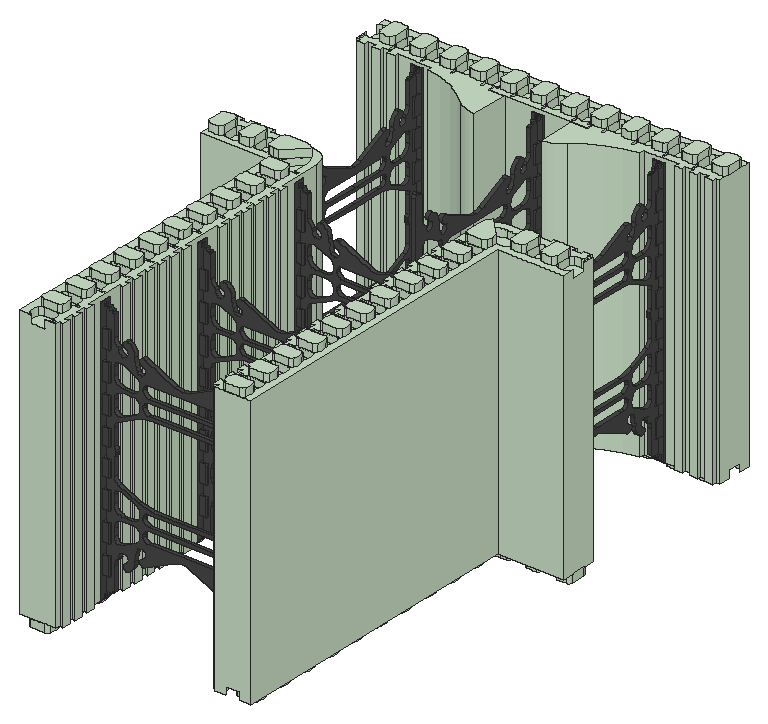
Revit family
Reference planes (in)
  plane 1 "Center (Front/Back)": y = -2
  plane 2: z = 0
  plane 3 "Center (Left/Right)": x = 2
  plane 4: y = 3
  plane 5: y = -7
  plane 6: x = 7
  plane 7: x = -3
  plane 8: z = 18
Forms (in)
  Extrusion 1, solid, material "NUDURA Expanded Polystyrene Foam Insulation"
    sketch origin (0, 0, 0) x (1, 0, 0) y (0, 1, 0)
      loop
        line (-10, 5.625) -> (-10, 3.25) -> (-9.71883, 3.25) -> (-9.78117, 3) -> (-9.21883, 3) -> (-9.28117, 3.25) -> (-8.71883, 3.25) -> (-8.78117, 3) -> (-8.21883, 3) -> (-8.28117, 3.25) -> (-7.71883, 3.25) -> (-7.78117, 3) -> (-7.21883, 3) -> (-7.28117, 3.25) -> (-5, 3.25) -> (-5, 2.875)
        arc (-5, 2.875) -> (-3.12304, 2.37468) -> (-1.50918, 1.29358) r 5.91797
        arc (-1.50918, 1.29358) -> (-0.91296, 0.90605) -> (-0.21883, 0.75162) r 2
        line (-0.21883, 0.75162) -> (-0.21883, 3.25) -> (-1.25, 3.25) -> (-1.25, 3.69867) -> (-1, 3.63633) -> (-1, 4.24332) -> (-1.25, 4.17633) -> (-1.25, 4.69867) -> (-1, 4.63633) -> (-1, 5.24332) -> (-1.25, 5.17633) -> (-1.25, 5.625) -> (-10, 5.625)
      loop
        line (14, 3.25) -> (14, 5.625) -> (5.25, 5.625) -> (5.25, 5.17633) -> (5, 5.24332) -> (5, 4.63633) -> (5.25, 4.69867) -> (5.25, 4.17633) -> (5, 4.24332) -> (5, 3.63633) -> (5.25, 3.69867) -> (5.25, 3.25) -> (4.21883, 3.25) -> (4.21883, 0.75162)
        arc (4.21883, 0.75162) -> (4.91296, 0.90605) -> (5.50918, 1.29358) r 2
        arc (5.50918, 1.29358) -> (7.12304, 2.37468) -> (9, 2.875) r 5.91797
        line (9, 2.875) -> (9, 3.25) -> (11.28117, 3.25) -> (11.21883, 3) -> (11.78117, 3) -> (11.71883, 3.25) -> (12.28117, 3.25) -> (12.21883, 3) -> (12.78117, 3) -> (12.71883, 3.25) -> (13.28117, 3.25) -> (13.21883, 3) -> (13.78117, 3) -> (13.71883, 3.25) -> (14, 3.25)
      loop
        line (-3.25, -29.99998) -> (-3.25, -29.71882) -> (-3, -29.78115) -> (-3, -29.21882) -> (-3.25, -29.28115) -> (-3.25, -28.71882) -> (-3, -28.78115) -> (-3, -28.21882) -> (-3.25, -28.28115) -> (-3.25, -27.71882) -> (-3, -27.78115) -> (-3, -27.21882) -> (-3.25, -27.28115) -> (-3.25, -24.71882) -> (-3, -24.78115) -> (-3, -24.21882) -> (-3.25, -24.28115) -> (-3.25, -23.71882) -> (-3, -23.78115) -> (-3, -23.21882) -> (-3.25, -23.28115) -> (-3.25, -22.71882) -> (-3, -22.78115) -> (-3, -22.21882) -> (-3.25, -22.28115) -> (-3.25, -21.71882) -> (-3, -21.78115) -> (-3, -21.21882) -> (-3.25, -21.28115) -> (-3.25, -20.71882) -> (-3, -20.78115) -> (-3, -20.21882) -> (-3.25, -20.28115) -> (-3.25, -19.71882) -> (-3, -19.78115) -> (-3, -19.21882) -> (-3.25, -19.28115) -> (-3.25, -16.71882) -> (-3, -16.78115) -> (-3, -16.21882) -> (-3.25, -16.28115) -> (-3.25, -15.71882) -> (-3, -15.78115) -> (-3, -15.21882) -> (-3.25, -15.28115) -> (-3.25, -14.71882) -> (-3, -14.78115) -> (-3, -14.21882) -> (-3.25, -14.28115) -> (-3.25, -13.71882) -> (-3, -13.78115) -> (-3, -13.21882) -> (-3.25, -13.28115) -> (-3.25, -12.71882) -> (-3, -12.78115) -> (-3, -12.21882) -> (-3.25, -12.28115) -> (-3.25, -11.71882) -> (-3, -11.78115) -> (-3, -11.21882) -> (-3.25, -11.28115) -> (-3.25, -8.49998)
        arc (-3.25, -8.49998) -> (-3.61612, -7.6161) -> (-4.5, -7.24998) r 1.25
        line (-4.5, -7.24998) -> (-7.28117, -7.24998) -> (-7.21883, -6.99998) -> (-7.78117, -6.99998) -> (-7.71883, -7.24998) -> (-8.28117, -7.24998) -> (-8.21883, -6.99998) -> (-8.78117, -6.99998) -> (-8.71883, -7.24998) -> (-9.28117, -7.24998) -> (-9.21883, -6.99998) -> (-9.78117, -6.99998) -> (-9.71883, -7.24998) -> (-10, -7.24998) -> (-10, -9.62498) -> (-5.625, -9.62498) -> (-5.625, -29.99998) -> (-3.25, -29.99998)
      loop
        line (7.25, -29.99998) -> (9.625, -29.99998) -> (9.625, -9.62498) -> (14, -9.62498) -> (14, -7.24998) -> (13.71883, -7.24998) -> (13.78117, -6.99998) -> (13.21883, -6.99998) -> (13.28117, -7.24998) -> (12.71883, -7.24998) -> (12.78117, -6.99998) -> (12.21883, -6.99998) -> (12.28117, -7.24998) -> (11.71883, -7.24998) -> (11.78117, -6.99998) -> (11.21883, -6.99998) -> (11.28117, -7.24998) -> (8.5, -7.24998)
        arc (8.5, -7.24998) -> (7.61612, -7.6161) -> (7.25, -8.49998) r 1.25
        line (7.25, -8.49998) -> (7.25, -11.28115) -> (7, -11.21882) -> (7, -11.78115) -> (7.25, -11.71882) -> (7.25, -12.28115) -> (7, -12.21882) -> (7, -12.78115) -> (7.25, -12.71882) -> (7.25, -13.28115) -> (7, -13.21882) -> (7, -13.78115) -> (7.25, -13.71882) -> (7.25, -14.28115) -> (7, -14.21882) -> (7, -14.78115) -> (7.25, -14.71882) -> (7.25, -15.28115) -> (7, -15.21882) -> (7, -15.78115) -> (7.25, -15.71882) -> (7.25, -16.28115) -> (7, -16.21882) -> (7, -16.78115) -> (7.25, -16.71882) -> (7.25, -19.28115) -> (7, -19.21882) -> (7, -19.78115) -> (7.25, -19.71882) -> (7.25, -20.28115) -> (7, -20.21882) -> (7, -20.78115) -> (7.25, -20.71882) -> (7.25, -21.28115) -> (7, -21.21882) -> (7, -21.78115) -> (7.25, -21.71882) -> (7.25, -22.28115) -> (7, -22.21882) -> (7, -22.78115) -> (7.25, -22.71882) -> (7.25, -23.28115) -> (7, -23.21882) -> (7, -23.78115) -> (7.25, -23.71882) -> (7.25, -24.28115) -> (7, -24.21882) -> (7, -24.78115) -> (7.25, -24.71882) -> (7.25, -27.28115) -> (7, -27.21882) -> (7, -27.78115) -> (7.25, -27.71882) -> (7.25, -28.28115) -> (7, -28.21882) -> (7, -28.78115) -> (7.25, -28.71882) -> (7.25, -29.28115) -> (7, -29.21882) -> (7, -29.78115) -> (7.25, -29.71882) -> (7.25, -29.99998)
    from 0 to 18
  Extrusion 2, void
    sketch origin (0, -4, 0) x (1, 0, 0) y (0, 1, 0)
      loop
        arc (-5.13595, -25.17306) -> (-5.1875, -25.49998) -> (-5.13595, -25.8269) r 1.0625
        arc (-5.13595, -25.8269) -> (-5.04517, -25.95213) -> (-4.89808, -25.99998) r 0.25
        line (-4.89808, -25.99998) -> (-3.97692, -25.99998)
        arc (-3.97692, -25.99998) -> (-3.88568, -25.98274) -> (-3.80702, -25.93338) r 0.25
        arc (-3.80702, -25.93338) -> (-3.78736, -25.92104) -> (-3.76455, -25.91673) r 0.0625
        line (-3.76455, -25.91673) -> (-3.41845, -25.91673) -> (-3.41845, -25.7459) -> (-3.64005, -25.7459)
        arc (-3.64005, -25.7459) -> (-3.68771, -25.72383) -> (-3.70172, -25.67321) r 0.0625
        arc (-3.70172, -25.67321) -> (-3.69045, -25.4209) -> (-3.73905, -25.17306) r 1.0625
        arc (-3.73905, -25.17306) -> (-3.82983, -25.04783) -> (-3.97692, -24.99998) r 0.25
        line (-3.97692, -24.99998) -> (-4.89808, -24.99998)
        arc (-4.89808, -24.99998) -> (-5.04517, -25.04783) -> (-5.13595, -25.17306) r 0.25
    from 18 to 17.5
  Extrusion 3, void
    sketch origin (0, -2, 0) x (1, 0, 0) y (0, 1, 0)
      loop
        arc (-5.13595, -25.17306) -> (-5.1875, -25.49998) -> (-5.13595, -25.8269) r 1.0625
        arc (-5.13595, -25.8269) -> (-5.04517, -25.95213) -> (-4.89808, -25.99998) r 0.25
        line (-4.89808, -25.99998) -> (-3.97692, -25.99998)
        arc (-3.97692, -25.99998) -> (-3.88568, -25.98274) -> (-3.80702, -25.93338) r 0.25
        arc (-3.80702, -25.93338) -> (-3.78736, -25.92104) -> (-3.76455, -25.91673) r 0.0625
        line (-3.76455, -25.91673) -> (-3.41845, -25.91673) -> (-3.41845, -25.7459) -> (-3.64005, -25.7459)
        arc (-3.64005, -25.7459) -> (-3.68771, -25.72383) -> (-3.70172, -25.67321) r 0.0625
        arc (-3.70172, -25.67321) -> (-3.69045, -25.4209) -> (-3.73905, -25.17306) r 1.0625
        arc (-3.73905, -25.17306) -> (-3.82983, -25.04783) -> (-3.97692, -24.99998) r 0.25
        line (-3.97692, -24.99998) -> (-4.89808, -24.99998)
        arc (-4.89808, -24.99998) -> (-5.04517, -25.04783) -> (-5.13595, -25.17306) r 0.25
    from 18 to 17.5
  Extrusion 4, void
    sketch origin (0, 0, 0) x (1, 0, 0) y (0, 1, 0)
      loop
        arc (-5.13595, -25.17306) -> (-5.1875, -25.49998) -> (-5.13595, -25.8269) r 1.0625
        arc (-5.13595, -25.8269) -> (-5.04517, -25.95213) -> (-4.89808, -25.99998) r 0.25
        line (-4.89808, -25.99998) -> (-3.97692, -25.99998)
        arc (-3.97692, -25.99998) -> (-3.88568, -25.98274) -> (-3.80702, -25.93338) r 0.25
        arc (-3.80702, -25.93338) -> (-3.78736, -25.92104) -> (-3.76455, -25.91673) r 0.0625
        line (-3.76455, -25.91673) -> (-3.41845, -25.91673) -> (-3.41845, -25.7459) -> (-3.64005, -25.7459)
        arc (-3.64005, -25.7459) -> (-3.68771, -25.72383) -> (-3.70172, -25.67321) r 0.0625
        arc (-3.70172, -25.67321) -> (-3.69045, -25.4209) -> (-3.73905, -25.17306) r 1.0625
        arc (-3.73905, -25.17306) -> (-3.82983, -25.04783) -> (-3.97692, -24.99998) r 0.25
        line (-3.97692, -24.99998) -> (-4.89808, -24.99998)
        arc (-4.89808, -24.99998) -> (-5.04517, -25.04783) -> (-5.13595, -25.17306) r 0.25
    from 18 to 17.5
  Extrusion 5, void
    sketch origin (0, 2, 0) x (1, 0, 0) y (0, 1, 0)
      loop
        arc (-5.13595, -25.17306) -> (-5.1875, -25.49998) -> (-5.13595, -25.8269) r 1.0625
        arc (-5.13595, -25.8269) -> (-5.04517, -25.95213) -> (-4.89808, -25.99998) r 0.25
        line (-4.89808, -25.99998) -> (-3.97692, -25.99998)
        arc (-3.97692, -25.99998) -> (-3.88568, -25.98274) -> (-3.80702, -25.93338) r 0.25
        arc (-3.80702, -25.93338) -> (-3.78736, -25.92104) -> (-3.76455, -25.91673) r 0.0625
        line (-3.76455, -25.91673) -> (-3.41845, -25.91673) -> (-3.41845, -25.7459) -> (-3.64005, -25.7459)
        arc (-3.64005, -25.7459) -> (-3.68771, -25.72383) -> (-3.70172, -25.67321) r 0.0625
        arc (-3.70172, -25.67321) -> (-3.69045, -25.4209) -> (-3.73905, -25.17306) r 1.0625
        arc (-3.73905, -25.17306) -> (-3.82983, -25.04783) -> (-3.97692, -24.99998) r 0.25
        line (-3.97692, -24.99998) -> (-4.89808, -24.99998)
        arc (-4.89808, -24.99998) -> (-5.04517, -25.04783) -> (-5.13595, -25.17306) r 0.25
    from 18 to 17.5
  Extrusion 6, void
    sketch origin (0, 4, 0) x (1, 0, 0) y (0, 1, 0)
      loop
        arc (-5.13595, -25.17306) -> (-5.1875, -25.49998) -> (-5.13595, -25.8269) r 1.0625
        arc (-5.13595, -25.8269) -> (-5.04517, -25.95213) -> (-4.89808, -25.99998) r 0.25
        line (-4.89808, -25.99998) -> (-3.97692, -25.99998)
        arc (-3.97692, -25.99998) -> (-3.88568, -25.98274) -> (-3.80702, -25.93338) r 0.25
        arc (-3.80702, -25.93338) -> (-3.78736, -25.92104) -> (-3.76455, -25.91673) r 0.0625
        line (-3.76455, -25.91673) -> (-3.41845, -25.91673) -> (-3.41845, -25.7459) -> (-3.64005, -25.7459)
        arc (-3.64005, -25.7459) -> (-3.68771, -25.72383) -> (-3.70172, -25.67321) r 0.0625
        arc (-3.70172, -25.67321) -> (-3.69045, -25.4209) -> (-3.73905, -25.17306) r 1.0625
        arc (-3.73905, -25.17306) -> (-3.82983, -25.04783) -> (-3.97692, -24.99998) r 0.25
        line (-3.97692, -24.99998) -> (-4.89808, -24.99998)
        arc (-4.89808, -24.99998) -> (-5.04517, -25.04783) -> (-5.13595, -25.17306) r 0.25
    from 18 to 17.5
  Extrusion 7, void
    sketch origin (0, 6, 0) x (1, 0, 0) y (0, 1, 0)
      loop
        arc (-5.13595, -25.17306) -> (-5.1875, -25.49998) -> (-5.13595, -25.8269) r 1.0625
        arc (-5.13595, -25.8269) -> (-5.04517, -25.95213) -> (-4.89808, -25.99998) r 0.25
        line (-4.89808, -25.99998) -> (-3.97692, -25.99998)
        arc (-3.97692, -25.99998) -> (-3.88568, -25.98274) -> (-3.80702, -25.93338) r 0.25
        arc (-3.80702, -25.93338) -> (-3.78736, -25.92104) -> (-3.76455, -25.91673) r 0.0625
        line (-3.76455, -25.91673) -> (-3.41845, -25.91673) -> (-3.41845, -25.7459) -> (-3.64005, -25.7459)
        arc (-3.64005, -25.7459) -> (-3.68771, -25.72383) -> (-3.70172, -25.67321) r 0.0625
        arc (-3.70172, -25.67321) -> (-3.69045, -25.4209) -> (-3.73905, -25.17306) r 1.0625
        arc (-3.73905, -25.17306) -> (-3.82983, -25.04783) -> (-3.97692, -24.99998) r 0.25
        line (-3.97692, -24.99998) -> (-4.89808, -24.99998)
        arc (-4.89808, -24.99998) -> (-5.04517, -25.04783) -> (-5.13595, -25.17306) r 0.25
    from 18 to 17.5
  Extrusion 8, void
    sketch origin (0, 8, 0) x (1, 0, 0) y (0, 1, 0)
      loop
        arc (-5.13595, -25.17306) -> (-5.1875, -25.49998) -> (-5.13595, -25.8269) r 1.0625
        arc (-5.13595, -25.8269) -> (-5.04517, -25.95213) -> (-4.89808, -25.99998) r 0.25
        line (-4.89808, -25.99998) -> (-3.97692, -25.99998)
        arc (-3.97692, -25.99998) -> (-3.88568, -25.98274) -> (-3.80702, -25.93338) r 0.25
        arc (-3.80702, -25.93338) -> (-3.78736, -25.92104) -> (-3.76455, -25.91673) r 0.0625
        line (-3.76455, -25.91673) -> (-3.41845, -25.91673) -> (-3.41845, -25.7459) -> (-3.64005, -25.7459)
        arc (-3.64005, -25.7459) -> (-3.68771, -25.72383) -> (-3.70172, -25.67321) r 0.0625
        arc (-3.70172, -25.67321) -> (-3.69045, -25.4209) -> (-3.73905, -25.17306) r 1.0625
        arc (-3.73905, -25.17306) -> (-3.82983, -25.04783) -> (-3.97692, -24.99998) r 0.25
        line (-3.97692, -24.99998) -> (-4.89808, -24.99998)
        arc (-4.89808, -24.99998) -> (-5.04517, -25.04783) -> (-5.13595, -25.17306) r 0.25
    from 18 to 17.5
  Extrusion 9, void
    sketch origin (0, 10, 0) x (1, 0, 0) y (0, 1, 0)
      loop
        arc (-5.13595, -25.17306) -> (-5.1875, -25.49998) -> (-5.13595, -25.8269) r 1.0625
        arc (-5.13595, -25.8269) -> (-5.04517, -25.95213) -> (-4.89808, -25.99998) r 0.25
        line (-4.89808, -25.99998) -> (-3.97692, -25.99998)
        arc (-3.97692, -25.99998) -> (-3.88568, -25.98274) -> (-3.80702, -25.93338) r 0.25
        arc (-3.80702, -25.93338) -> (-3.78736, -25.92104) -> (-3.76455, -25.91673) r 0.0625
        line (-3.76455, -25.91673) -> (-3.41845, -25.91673) -> (-3.41845, -25.7459) -> (-3.64005, -25.7459)
        arc (-3.64005, -25.7459) -> (-3.68771, -25.72383) -> (-3.70172, -25.67321) r 0.0625
        arc (-3.70172, -25.67321) -> (-3.69045, -25.4209) -> (-3.73905, -25.17306) r 1.0625
        arc (-3.73905, -25.17306) -> (-3.82983, -25.04783) -> (-3.97692, -24.99998) r 0.25
        line (-3.97692, -24.99998) -> (-4.89808, -24.99998)
        arc (-4.89808, -24.99998) -> (-5.04517, -25.04783) -> (-5.13595, -25.17306) r 0.25
    from 18 to 17.5
  Extrusion 10, void
    sketch origin (0, 12, 0) x (1, 0, 0) y (0, 1, 0)
      loop
        arc (-5.13595, -25.17306) -> (-5.1875, -25.49998) -> (-5.13595, -25.8269) r 1.0625
        arc (-5.13595, -25.8269) -> (-5.04517, -25.95213) -> (-4.89808, -25.99998) r 0.25
        line (-4.89808, -25.99998) -> (-3.97692, -25.99998)
        arc (-3.97692, -25.99998) -> (-3.88568, -25.98274) -> (-3.80702, -25.93338) r 0.25
        arc (-3.80702, -25.93338) -> (-3.78736, -25.92104) -> (-3.76455, -25.91673) r 0.0625
        line (-3.76455, -25.91673) -> (-3.41845, -25.91673) -> (-3.41845, -25.7459) -> (-3.64005, -25.7459)
        arc (-3.64005, -25.7459) -> (-3.68771, -25.72383) -> (-3.70172, -25.67321) r 0.0625
        arc (-3.70172, -25.67321) -> (-3.69045, -25.4209) -> (-3.73905, -25.17306) r 1.0625
        arc (-3.73905, -25.17306) -> (-3.82983, -25.04783) -> (-3.97692, -24.99998) r 0.25
        line (-3.97692, -24.99998) -> (-4.89808, -24.99998)
        arc (-4.89808, -24.99998) -> (-5.04517, -25.04783) -> (-5.13595, -25.17306) r 0.25
    from 18 to 17.5
  Extrusion 11, void
    sketch origin (0, 14, 0) x (1, 0, 0) y (0, 1, 0)
      loop
        arc (-5.13595, -25.17306) -> (-5.1875, -25.49998) -> (-5.13595, -25.8269) r 1.0625
        arc (-5.13595, -25.8269) -> (-5.04517, -25.95213) -> (-4.89808, -25.99998) r 0.25
        line (-4.89808, -25.99998) -> (-3.97692, -25.99998)
        arc (-3.97692, -25.99998) -> (-3.88568, -25.98274) -> (-3.80702, -25.93338) r 0.25
        arc (-3.80702, -25.93338) -> (-3.78736, -25.92104) -> (-3.76455, -25.91673) r 0.0625
        line (-3.76455, -25.91673) -> (-3.41845, -25.91673) -> (-3.41845, -25.7459) -> (-3.64005, -25.7459)
        arc (-3.64005, -25.7459) -> (-3.68771, -25.72383) -> (-3.70172, -25.67321) r 0.0625
        arc (-3.70172, -25.67321) -> (-3.69045, -25.4209) -> (-3.73905, -25.17306) r 1.0625
        arc (-3.73905, -25.17306) -> (-3.82983, -25.04783) -> (-3.97692, -24.99998) r 0.25
        line (-3.97692, -24.99998) -> (-4.89808, -24.99998)
        arc (-4.89808, -24.99998) -> (-5.04517, -25.04783) -> (-5.13595, -25.17306) r 0.25
    from 18 to 17.5
  Extrusion 12, void
    sketch origin (0, -4, 0) x (1, 0, 0) y (0, 1, 0)
      loop
        line (-5.1875, -5.18748) -> (-5.1875, -5.49998)
        arc (-5.1875, -5.49998) -> (-5.17453, -5.66546) -> (-5.13595, -5.8269) r 1.0625
        arc (-5.13595, -5.8269) -> (-5.04517, -5.95213) -> (-4.89808, -5.99998) r 0.25
        line (-4.89808, -5.99998) -> (-3.97692, -5.99998)
        arc (-3.97692, -5.99998) -> (-3.88568, -5.98274) -> (-3.80702, -5.93338) r 0.25
        arc (-3.80702, -5.93338) -> (-3.78736, -5.92104) -> (-3.76455, -5.91673) r 0.0625
        line (-3.76455, -5.91673) -> (-3.41845, -5.91673) -> (-3.41845, -5.7459) -> (-3.64005, -5.7459)
        arc (-3.64005, -5.7459) -> (-3.68771, -5.72383) -> (-3.70172, -5.67321) r 0.0625
        arc (-3.70172, -5.67321) -> (-3.69106, -5.58689) -> (-3.6875, -5.49998) r 1.0625
        line (-3.6875, -5.49998) -> (-3.6875, -4.68748)
        arc (-3.6875, -4.68748) -> (-3.76362, -4.3048) -> (-3.98039, -3.98037) r 1
        line (-3.98039, -3.98037) -> (-5.1875, -5.18748)
    from 18 to 17.5
  Extrusion 13, void
    sketch origin (-31.99998, -3.99998, 0) x (0, 1, 0) y (-1, 0, 0)
      loop
        arc (-5.13595, -25.17306) -> (-5.1875, -25.49998) -> (-5.13595, -25.8269) r 1.0625
        arc (-5.13595, -25.8269) -> (-5.04517, -25.95213) -> (-4.89808, -25.99998) r 0.25
        line (-4.89808, -25.99998) -> (-3.97692, -25.99998)
        arc (-3.97692, -25.99998) -> (-3.88568, -25.98274) -> (-3.80702, -25.93338) r 0.25
        arc (-3.80702, -25.93338) -> (-3.78736, -25.92104) -> (-3.76455, -25.91673) r 0.0625
        line (-3.76455, -25.91673) -> (-3.41845, -25.91673) -> (-3.41845, -25.7459) -> (-3.64005, -25.7459)
        arc (-3.64005, -25.7459) -> (-3.68771, -25.72383) -> (-3.70172, -25.67321) r 0.0625
        arc (-3.70172, -25.67321) -> (-3.69045, -25.4209) -> (-3.73905, -25.17306) r 1.0625
        arc (-3.73905, -25.17306) -> (-3.82983, -25.04783) -> (-3.97692, -24.99998) r 0.25
        line (-3.97692, -24.99998) -> (-4.89808, -24.99998)
        arc (-4.89808, -24.99998) -> (-5.04517, -25.04783) -> (-5.13595, -25.17306) r 0.25
    from 18 to 17.5
  Extrusion 14, void
    sketch origin (-33.99998, -3.99998, 0) x (0, 1, 0) y (-1, 0, 0)
      loop
        arc (-5.13595, -25.17306) -> (-5.1875, -25.49998) -> (-5.13595, -25.8269) r 1.0625
        arc (-5.13595, -25.8269) -> (-5.04517, -25.95213) -> (-4.89808, -25.99998) r 0.25
        line (-4.89808, -25.99998) -> (-3.97692, -25.99998)
        arc (-3.97692, -25.99998) -> (-3.88568, -25.98274) -> (-3.80702, -25.93338) r 0.25
        arc (-3.80702, -25.93338) -> (-3.78736, -25.92104) -> (-3.76455, -25.91673) r 0.0625
        line (-3.76455, -25.91673) -> (-3.41845, -25.91673) -> (-3.41845, -25.7459) -> (-3.64005, -25.7459)
        arc (-3.64005, -25.7459) -> (-3.68771, -25.72383) -> (-3.70172, -25.67321) r 0.0625
        arc (-3.70172, -25.67321) -> (-3.69045, -25.4209) -> (-3.73905, -25.17306) r 1.0625
        arc (-3.73905, -25.17306) -> (-3.82983, -25.04783) -> (-3.97692, -24.99998) r 0.25
        line (-3.97692, -24.99998) -> (-4.89808, -24.99998)
        arc (-4.89808, -24.99998) -> (-5.04517, -25.04783) -> (-5.13595, -25.17306) r 0.25
    from 18 to 17.5
  Extrusion 15, void
    sketch origin (0, -53.99996, 0) x (1, 0, 0) y (0, 1, 0)
      loop
        arc (-5.13595, 25.17306) -> (-5.04517, 25.04783) -> (-4.89808, 24.99998) r 0.25
        line (-4.89808, 24.99998) -> (-3.97692, 24.99998)
        arc (-3.97692, 24.99998) -> (-3.82983, 25.04783) -> (-3.73905, 25.17306) r 0.25
        arc (-3.73905, 25.17306) -> (-3.69045, 25.4209) -> (-3.70172, 25.67321) r 1.0625
        arc (-3.70172, 25.67321) -> (-3.68771, 25.72383) -> (-3.64005, 25.7459) r 0.0625
        line (-3.64005, 25.7459) -> (-3.41845, 25.7459) -> (-3.41845, 25.91673) -> (-3.76455, 25.91673)
        arc (-3.76455, 25.91673) -> (-3.78736, 25.92104) -> (-3.80702, 25.93338) r 0.0625
        arc (-3.80702, 25.93338) -> (-3.88568, 25.98274) -> (-3.97692, 25.99998) r 0.25
        line (-3.97692, 25.99998) -> (-4.89808, 25.99998)
        arc (-4.89808, 25.99998) -> (-5.04517, 25.95213) -> (-5.13595, 25.8269) r 0.25
        arc (-5.13595, 25.8269) -> (-5.1875, 25.49998) -> (-5.13595, 25.17306) r 1.0625
    from 0 to 0.5
  Extrusion 16, void
    sketch origin (0, -51.99996, 0) x (1, 0, 0) y (0, 1, 0)
      loop
        arc (-5.13595, 25.17306) -> (-5.04517, 25.04783) -> (-4.89808, 24.99998) r 0.25
        line (-4.89808, 24.99998) -> (-3.97692, 24.99998)
        arc (-3.97692, 24.99998) -> (-3.82983, 25.04783) -> (-3.73905, 25.17306) r 0.25
        arc (-3.73905, 25.17306) -> (-3.69045, 25.4209) -> (-3.70172, 25.67321) r 1.0625
        arc (-3.70172, 25.67321) -> (-3.68771, 25.72383) -> (-3.64005, 25.7459) r 0.0625
        line (-3.64005, 25.7459) -> (-3.41845, 25.7459) -> (-3.41845, 25.91673) -> (-3.76455, 25.91673)
        arc (-3.76455, 25.91673) -> (-3.78736, 25.92104) -> (-3.80702, 25.93338) r 0.0625
        arc (-3.80702, 25.93338) -> (-3.88568, 25.98274) -> (-3.97692, 25.99998) r 0.25
        line (-3.97692, 25.99998) -> (-4.89808, 25.99998)
        arc (-4.89808, 25.99998) -> (-5.04517, 25.95213) -> (-5.13595, 25.8269) r 0.25
        arc (-5.13595, 25.8269) -> (-5.1875, 25.49998) -> (-5.13595, 25.17306) r 1.0625
    from 0 to 0.5
  Extrusion 17, void
    sketch origin (0, -49.99996, 0) x (1, 0, 0) y (0, 1, 0)
      loop
        arc (-5.13595, 25.17306) -> (-5.04517, 25.04783) -> (-4.89808, 24.99998) r 0.25
        line (-4.89808, 24.99998) -> (-3.97692, 24.99998)
        arc (-3.97692, 24.99998) -> (-3.82983, 25.04783) -> (-3.73905, 25.17306) r 0.25
        arc (-3.73905, 25.17306) -> (-3.69045, 25.4209) -> (-3.70172, 25.67321) r 1.0625
        arc (-3.70172, 25.67321) -> (-3.68771, 25.72383) -> (-3.64005, 25.7459) r 0.0625
        line (-3.64005, 25.7459) -> (-3.41845, 25.7459) -> (-3.41845, 25.91673) -> (-3.76455, 25.91673)
        arc (-3.76455, 25.91673) -> (-3.78736, 25.92104) -> (-3.80702, 25.93338) r 0.0625
        arc (-3.80702, 25.93338) -> (-3.88568, 25.98274) -> (-3.97692, 25.99998) r 0.25
        line (-3.97692, 25.99998) -> (-4.89808, 25.99998)
        arc (-4.89808, 25.99998) -> (-5.04517, 25.95213) -> (-5.13595, 25.8269) r 0.25
        arc (-5.13595, 25.8269) -> (-5.1875, 25.49998) -> (-5.13595, 25.17306) r 1.0625
    from 0 to 0.5
  Extrusion 18, void
    sketch origin (0, -47.99996, 0) x (1, 0, 0) y (0, 1, 0)
      loop
        arc (-5.13595, 25.17306) -> (-5.04517, 25.04783) -> (-4.89808, 24.99998) r 0.25
        line (-4.89808, 24.99998) -> (-3.97692, 24.99998)
        arc (-3.97692, 24.99998) -> (-3.82983, 25.04783) -> (-3.73905, 25.17306) r 0.25
        arc (-3.73905, 25.17306) -> (-3.69045, 25.4209) -> (-3.70172, 25.67321) r 1.0625
        arc (-3.70172, 25.67321) -> (-3.68771, 25.72383) -> (-3.64005, 25.7459) r 0.0625
        line (-3.64005, 25.7459) -> (-3.41845, 25.7459) -> (-3.41845, 25.91673) -> (-3.76455, 25.91673)
        arc (-3.76455, 25.91673) -> (-3.78736, 25.92104) -> (-3.80702, 25.93338) r 0.0625
        arc (-3.80702, 25.93338) -> (-3.88568, 25.98274) -> (-3.97692, 25.99998) r 0.25
        line (-3.97692, 25.99998) -> (-4.89808, 25.99998)
        arc (-4.89808, 25.99998) -> (-5.04517, 25.95213) -> (-5.13595, 25.8269) r 0.25
        arc (-5.13595, 25.8269) -> (-5.1875, 25.49998) -> (-5.13595, 25.17306) r 1.0625
    from 0 to 0.5
  Extrusion 19, void
    sketch origin (0, -45.99996, 0) x (1, 0, 0) y (0, 1, 0)
      loop
        arc (-5.13595, 25.17306) -> (-5.04517, 25.04783) -> (-4.89808, 24.99998) r 0.25
        line (-4.89808, 24.99998) -> (-3.97692, 24.99998)
        arc (-3.97692, 24.99998) -> (-3.82983, 25.04783) -> (-3.73905, 25.17306) r 0.25
        arc (-3.73905, 25.17306) -> (-3.69045, 25.4209) -> (-3.70172, 25.67321) r 1.0625
        arc (-3.70172, 25.67321) -> (-3.68771, 25.72383) -> (-3.64005, 25.7459) r 0.0625
        line (-3.64005, 25.7459) -> (-3.41845, 25.7459) -> (-3.41845, 25.91673) -> (-3.76455, 25.91673)
        arc (-3.76455, 25.91673) -> (-3.78736, 25.92104) -> (-3.80702, 25.93338) r 0.0625
        arc (-3.80702, 25.93338) -> (-3.88568, 25.98274) -> (-3.97692, 25.99998) r 0.25
        line (-3.97692, 25.99998) -> (-4.89808, 25.99998)
        arc (-4.89808, 25.99998) -> (-5.04517, 25.95213) -> (-5.13595, 25.8269) r 0.25
        arc (-5.13595, 25.8269) -> (-5.1875, 25.49998) -> (-5.13595, 25.17306) r 1.0625
    from 0 to 0.5
  Extrusion 20, void
    sketch origin (0, -43.99996, 0) x (1, 0, 0) y (0, 1, 0)
      loop
        arc (-5.13595, 25.17306) -> (-5.04517, 25.04783) -> (-4.89808, 24.99998) r 0.25
        line (-4.89808, 24.99998) -> (-3.97692, 24.99998)
        arc (-3.97692, 24.99998) -> (-3.82983, 25.04783) -> (-3.73905, 25.17306) r 0.25
        arc (-3.73905, 25.17306) -> (-3.69045, 25.4209) -> (-3.70172, 25.67321) r 1.0625
        arc (-3.70172, 25.67321) -> (-3.68771, 25.72383) -> (-3.64005, 25.7459) r 0.0625
        line (-3.64005, 25.7459) -> (-3.41845, 25.7459) -> (-3.41845, 25.91673) -> (-3.76455, 25.91673)
        arc (-3.76455, 25.91673) -> (-3.78736, 25.92104) -> (-3.80702, 25.93338) r 0.0625
        arc (-3.80702, 25.93338) -> (-3.88568, 25.98274) -> (-3.97692, 25.99998) r 0.25
        line (-3.97692, 25.99998) -> (-4.89808, 25.99998)
        arc (-4.89808, 25.99998) -> (-5.04517, 25.95213) -> (-5.13595, 25.8269) r 0.25
        arc (-5.13595, 25.8269) -> (-5.1875, 25.49998) -> (-5.13595, 25.17306) r 1.0625
    from 0 to 0.5
  Extrusion 21, void
    sketch origin (0, -41.99996, 0) x (1, 0, 0) y (0, 1, 0)
      loop
        arc (-5.13595, 25.17306) -> (-5.04517, 25.04783) -> (-4.89808, 24.99998) r 0.25
        line (-4.89808, 24.99998) -> (-3.97692, 24.99998)
        arc (-3.97692, 24.99998) -> (-3.82983, 25.04783) -> (-3.73905, 25.17306) r 0.25
        arc (-3.73905, 25.17306) -> (-3.69045, 25.4209) -> (-3.70172, 25.67321) r 1.0625
        arc (-3.70172, 25.67321) -> (-3.68771, 25.72383) -> (-3.64005, 25.7459) r 0.0625
        line (-3.64005, 25.7459) -> (-3.41845, 25.7459) -> (-3.41845, 25.91673) -> (-3.76455, 25.91673)
        arc (-3.76455, 25.91673) -> (-3.78736, 25.92104) -> (-3.80702, 25.93338) r 0.0625
        arc (-3.80702, 25.93338) -> (-3.88568, 25.98274) -> (-3.97692, 25.99998) r 0.25
        line (-3.97692, 25.99998) -> (-4.89808, 25.99998)
        arc (-4.89808, 25.99998) -> (-5.04517, 25.95213) -> (-5.13595, 25.8269) r 0.25
        arc (-5.13595, 25.8269) -> (-5.1875, 25.49998) -> (-5.13595, 25.17306) r 1.0625
    from 0 to 0.5
  Extrusion 22, void
    sketch origin (0, -39.99996, 0) x (1, 0, 0) y (0, 1, 0)
      loop
        arc (-5.13595, 25.17306) -> (-5.04517, 25.04783) -> (-4.89808, 24.99998) r 0.25
        line (-4.89808, 24.99998) -> (-3.97692, 24.99998)
        arc (-3.97692, 24.99998) -> (-3.82983, 25.04783) -> (-3.73905, 25.17306) r 0.25
        arc (-3.73905, 25.17306) -> (-3.69045, 25.4209) -> (-3.70172, 25.67321) r 1.0625
        arc (-3.70172, 25.67321) -> (-3.68771, 25.72383) -> (-3.64005, 25.7459) r 0.0625
        line (-3.64005, 25.7459) -> (-3.41845, 25.7459) -> (-3.41845, 25.91673) -> (-3.76455, 25.91673)
        arc (-3.76455, 25.91673) -> (-3.78736, 25.92104) -> (-3.80702, 25.93338) r 0.0625
        arc (-3.80702, 25.93338) -> (-3.88568, 25.98274) -> (-3.97692, 25.99998) r 0.25
        line (-3.97692, 25.99998) -> (-4.89808, 25.99998)
        arc (-4.89808, 25.99998) -> (-5.04517, 25.95213) -> (-5.13595, 25.8269) r 0.25
        arc (-5.13595, 25.8269) -> (-5.1875, 25.49998) -> (-5.13595, 25.17306) r 1.0625
    from 0 to 0.5
  Extrusion 23, void
    sketch origin (0, -37.99996, 0) x (1, 0, 0) y (0, 1, 0)
      loop
        arc (-5.13595, 25.17306) -> (-5.04517, 25.04783) -> (-4.89808, 24.99998) r 0.25
        line (-4.89808, 24.99998) -> (-3.97692, 24.99998)
        arc (-3.97692, 24.99998) -> (-3.82983, 25.04783) -> (-3.73905, 25.17306) r 0.25
        arc (-3.73905, 25.17306) -> (-3.69045, 25.4209) -> (-3.70172, 25.67321) r 1.0625
        arc (-3.70172, 25.67321) -> (-3.68771, 25.72383) -> (-3.64005, 25.7459) r 0.0625
        line (-3.64005, 25.7459) -> (-3.41845, 25.7459) -> (-3.41845, 25.91673) -> (-3.76455, 25.91673)
        arc (-3.76455, 25.91673) -> (-3.78736, 25.92104) -> (-3.80702, 25.93338) r 0.0625
        arc (-3.80702, 25.93338) -> (-3.88568, 25.98274) -> (-3.97692, 25.99998) r 0.25
        line (-3.97692, 25.99998) -> (-4.89808, 25.99998)
        arc (-4.89808, 25.99998) -> (-5.04517, 25.95213) -> (-5.13595, 25.8269) r 0.25
        arc (-5.13595, 25.8269) -> (-5.1875, 25.49998) -> (-5.13595, 25.17306) r 1.0625
    from 0 to 0.5
  Extrusion 24, void
    sketch origin (0, -35.99996, 0) x (1, 0, 0) y (0, 1, 0)
      loop
        arc (-5.13595, 25.17306) -> (-5.04517, 25.04783) -> (-4.89808, 24.99998) r 0.25
        line (-4.89808, 24.99998) -> (-3.97692, 24.99998)
        arc (-3.97692, 24.99998) -> (-3.82983, 25.04783) -> (-3.73905, 25.17306) r 0.25
        arc (-3.73905, 25.17306) -> (-3.69045, 25.4209) -> (-3.70172, 25.67321) r 1.0625
        arc (-3.70172, 25.67321) -> (-3.68771, 25.72383) -> (-3.64005, 25.7459) r 0.0625
        line (-3.64005, 25.7459) -> (-3.41845, 25.7459) -> (-3.41845, 25.91673) -> (-3.76455, 25.91673)
        arc (-3.76455, 25.91673) -> (-3.78736, 25.92104) -> (-3.80702, 25.93338) r 0.0625
        arc (-3.80702, 25.93338) -> (-3.88568, 25.98274) -> (-3.97692, 25.99998) r 0.25
        line (-3.97692, 25.99998) -> (-4.89808, 25.99998)
        arc (-4.89808, 25.99998) -> (-5.04517, 25.95213) -> (-5.13595, 25.8269) r 0.25
        arc (-5.13595, 25.8269) -> (-5.1875, 25.49998) -> (-5.13595, 25.17306) r 1.0625
    from 0 to 0.5
  Extrusion 25, void
    sketch origin (-0.00002, -3.99998, 0) x (0, 1, 0) y (-1, 0, 0)
      loop
        line (-5.1875, 5.18748) -> (-3.98039, 3.98037)
        arc (-3.98039, 3.98037) -> (-3.76362, 4.3048) -> (-3.6875, 4.68748) r 1
        line (-3.6875, 4.68748) -> (-3.6875, 5.49998)
        arc (-3.6875, 5.49998) -> (-3.69106, 5.58689) -> (-3.70172, 5.67321) r 1.0625
        arc (-3.70172, 5.67321) -> (-3.68771, 5.72383) -> (-3.64005, 5.7459) r 0.0625
        line (-3.64005, 5.7459) -> (-3.41845, 5.7459) -> (-3.41845, 5.91673) -> (-3.76455, 5.91673)
        arc (-3.76455, 5.91673) -> (-3.78736, 5.92104) -> (-3.80702, 5.93338) r 0.0625
        arc (-3.80702, 5.93338) -> (-3.88568, 5.98274) -> (-3.97692, 5.99998) r 0.25
        line (-3.97692, 5.99998) -> (-4.89808, 5.99998)
        arc (-4.89808, 5.99998) -> (-5.04517, 5.95213) -> (-5.13595, 5.8269) r 0.25
        arc (-5.13595, 5.8269) -> (-5.17453, 5.66546) -> (-5.1875, 5.49998) r 1.0625
        line (-5.1875, 5.49998) -> (-5.1875, 5.18748)
    from 0 to 0.5
  Extrusion 26, void
    sketch origin (17.99998, -3.99998, 0) x (0, 1, 0) y (-1, 0, 0)
      loop
        arc (-5.13595, 25.17306) -> (-5.04517, 25.04783) -> (-4.89808, 24.99998) r 0.25
        line (-4.89808, 24.99998) -> (-3.97692, 24.99998)
        arc (-3.97692, 24.99998) -> (-3.82983, 25.04783) -> (-3.73905, 25.17306) r 0.25
        arc (-3.73905, 25.17306) -> (-3.69045, 25.4209) -> (-3.70172, 25.67321) r 1.0625
        arc (-3.70172, 25.67321) -> (-3.68771, 25.72383) -> (-3.64005, 25.7459) r 0.0625
        line (-3.64005, 25.7459) -> (-3.41845, 25.7459) -> (-3.41845, 25.91673) -> (-3.76455, 25.91673)
        arc (-3.76455, 25.91673) -> (-3.78736, 25.92104) -> (-3.80702, 25.93338) r 0.0625
        arc (-3.80702, 25.93338) -> (-3.88568, 25.98274) -> (-3.97692, 25.99998) r 0.25
        line (-3.97692, 25.99998) -> (-4.89808, 25.99998)
        arc (-4.89808, 25.99998) -> (-5.04517, 25.95213) -> (-5.13595, 25.8269) r 0.25
        arc (-5.13595, 25.8269) -> (-5.1875, 25.49998) -> (-5.13595, 25.17306) r 1.0625
    from 0 to 0.5
  Extrusion 27, void
    sketch origin (15.99998, -3.99998, 0) x (0, 1, 0) y (-1, 0, 0)
      loop
        arc (-5.13595, 25.17306) -> (-5.04517, 25.04783) -> (-4.89808, 24.99998) r 0.25
        line (-4.89808, 24.99998) -> (-3.97692, 24.99998)
        arc (-3.97692, 24.99998) -> (-3.82983, 25.04783) -> (-3.73905, 25.17306) r 0.25
        arc (-3.73905, 25.17306) -> (-3.69045, 25.4209) -> (-3.70172, 25.67321) r 1.0625
        arc (-3.70172, 25.67321) -> (-3.68771, 25.72383) -> (-3.64005, 25.7459) r 0.0625
        line (-3.64005, 25.7459) -> (-3.41845, 25.7459) -> (-3.41845, 25.91673) -> (-3.76455, 25.91673)
        arc (-3.76455, 25.91673) -> (-3.78736, 25.92104) -> (-3.80702, 25.93338) r 0.0625
        arc (-3.80702, 25.93338) -> (-3.88568, 25.98274) -> (-3.97692, 25.99998) r 0.25
        line (-3.97692, 25.99998) -> (-4.89808, 25.99998)
        arc (-4.89808, 25.99998) -> (-5.04517, 25.95213) -> (-5.13595, 25.8269) r 0.25
        arc (-5.13595, 25.8269) -> (-5.1875, 25.49998) -> (-5.13595, 25.17306) r 1.0625
    from 0 to 0.5
  Extrusion 28, void
    sketch origin (4, -53.99996, 0) x (-1, 0, 0) y (0, -1, 0)
      loop
        arc (-5.13595, -25.17306) -> (-5.1875, -25.49998) -> (-5.13595, -25.8269) r 1.0625
        arc (-5.13595, -25.8269) -> (-5.04517, -25.95213) -> (-4.89808, -25.99998) r 0.25
        line (-4.89808, -25.99998) -> (-3.97692, -25.99998)
        arc (-3.97692, -25.99998) -> (-3.88568, -25.98274) -> (-3.80702, -25.93338) r 0.25
        arc (-3.80702, -25.93338) -> (-3.78736, -25.92104) -> (-3.76455, -25.91673) r 0.0625
        line (-3.76455, -25.91673) -> (-3.41845, -25.91673) -> (-3.41845, -25.7459) -> (-3.64005, -25.7459)
        arc (-3.64005, -25.7459) -> (-3.68771, -25.72383) -> (-3.70172, -25.67321) r 0.0625
        arc (-3.70172, -25.67321) -> (-3.69045, -25.4209) -> (-3.73905, -25.17306) r 1.0625
        arc (-3.73905, -25.17306) -> (-3.82983, -25.04783) -> (-3.97692, -24.99998) r 0.25
        line (-3.97692, -24.99998) -> (-4.89808, -24.99998)
        arc (-4.89808, -24.99998) -> (-5.04517, -25.04783) -> (-5.13595, -25.17306) r 0.25
    from 18 to 17.5
  Extrusion 29, void
    sketch origin (4, -51.99996, 0) x (-1, 0, 0) y (0, -1, 0)
      loop
        arc (-5.13595, -25.17306) -> (-5.1875, -25.49998) -> (-5.13595, -25.8269) r 1.0625
        arc (-5.13595, -25.8269) -> (-5.04517, -25.95213) -> (-4.89808, -25.99998) r 0.25
        line (-4.89808, -25.99998) -> (-3.97692, -25.99998)
        arc (-3.97692, -25.99998) -> (-3.88568, -25.98274) -> (-3.80702, -25.93338) r 0.25
        arc (-3.80702, -25.93338) -> (-3.78736, -25.92104) -> (-3.76455, -25.91673) r 0.0625
        line (-3.76455, -25.91673) -> (-3.41845, -25.91673) -> (-3.41845, -25.7459) -> (-3.64005, -25.7459)
        arc (-3.64005, -25.7459) -> (-3.68771, -25.72383) -> (-3.70172, -25.67321) r 0.0625
        arc (-3.70172, -25.67321) -> (-3.69045, -25.4209) -> (-3.73905, -25.17306) r 1.0625
        arc (-3.73905, -25.17306) -> (-3.82983, -25.04783) -> (-3.97692, -24.99998) r 0.25
        line (-3.97692, -24.99998) -> (-4.89808, -24.99998)
        arc (-4.89808, -24.99998) -> (-5.04517, -25.04783) -> (-5.13595, -25.17306) r 0.25
    from 18 to 17.5
  Extrusion 30, void
    sketch origin (4, -49.99996, 0) x (-1, 0, 0) y (0, -1, 0)
      loop
        arc (-5.13595, -25.17306) -> (-5.1875, -25.49998) -> (-5.13595, -25.8269) r 1.0625
        arc (-5.13595, -25.8269) -> (-5.04517, -25.95213) -> (-4.89808, -25.99998) r 0.25
        line (-4.89808, -25.99998) -> (-3.97692, -25.99998)
        arc (-3.97692, -25.99998) -> (-3.88568, -25.98274) -> (-3.80702, -25.93338) r 0.25
        arc (-3.80702, -25.93338) -> (-3.78736, -25.92104) -> (-3.76455, -25.91673) r 0.0625
        line (-3.76455, -25.91673) -> (-3.41845, -25.91673) -> (-3.41845, -25.7459) -> (-3.64005, -25.7459)
        arc (-3.64005, -25.7459) -> (-3.68771, -25.72383) -> (-3.70172, -25.67321) r 0.0625
        arc (-3.70172, -25.67321) -> (-3.69045, -25.4209) -> (-3.73905, -25.17306) r 1.0625
        arc (-3.73905, -25.17306) -> (-3.82983, -25.04783) -> (-3.97692, -24.99998) r 0.25
        line (-3.97692, -24.99998) -> (-4.89808, -24.99998)
        arc (-4.89808, -24.99998) -> (-5.04517, -25.04783) -> (-5.13595, -25.17306) r 0.25
    from 18 to 17.5
  Extrusion 31, void
    sketch origin (4, -47.99996, 0) x (-1, 0, 0) y (0, -1, 0)
      loop
        arc (-5.13595, -25.17306) -> (-5.1875, -25.49998) -> (-5.13595, -25.8269) r 1.0625
        arc (-5.13595, -25.8269) -> (-5.04517, -25.95213) -> (-4.89808, -25.99998) r 0.25
        line (-4.89808, -25.99998) -> (-3.97692, -25.99998)
        arc (-3.97692, -25.99998) -> (-3.88568, -25.98274) -> (-3.80702, -25.93338) r 0.25
        arc (-3.80702, -25.93338) -> (-3.78736, -25.92104) -> (-3.76455, -25.91673) r 0.0625
        line (-3.76455, -25.91673) -> (-3.41845, -25.91673) -> (-3.41845, -25.7459) -> (-3.64005, -25.7459)
        arc (-3.64005, -25.7459) -> (-3.68771, -25.72383) -> (-3.70172, -25.67321) r 0.0625
        arc (-3.70172, -25.67321) -> (-3.69045, -25.4209) -> (-3.73905, -25.17306) r 1.0625
        arc (-3.73905, -25.17306) -> (-3.82983, -25.04783) -> (-3.97692, -24.99998) r 0.25
        line (-3.97692, -24.99998) -> (-4.89808, -24.99998)
        arc (-4.89808, -24.99998) -> (-5.04517, -25.04783) -> (-5.13595, -25.17306) r 0.25
    from 18 to 17.5
  Extrusion 32, void
    sketch origin (4, -45.99996, 0) x (-1, 0, 0) y (0, -1, 0)
      loop
        arc (-5.13595, -25.17306) -> (-5.1875, -25.49998) -> (-5.13595, -25.8269) r 1.0625
        arc (-5.13595, -25.8269) -> (-5.04517, -25.95213) -> (-4.89808, -25.99998) r 0.25
        line (-4.89808, -25.99998) -> (-3.97692, -25.99998)
        arc (-3.97692, -25.99998) -> (-3.88568, -25.98274) -> (-3.80702, -25.93338) r 0.25
        arc (-3.80702, -25.93338) -> (-3.78736, -25.92104) -> (-3.76455, -25.91673) r 0.0625
        line (-3.76455, -25.91673) -> (-3.41845, -25.91673) -> (-3.41845, -25.7459) -> (-3.64005, -25.7459)
        arc (-3.64005, -25.7459) -> (-3.68771, -25.72383) -> (-3.70172, -25.67321) r 0.0625
        arc (-3.70172, -25.67321) -> (-3.69045, -25.4209) -> (-3.73905, -25.17306) r 1.0625
        arc (-3.73905, -25.17306) -> (-3.82983, -25.04783) -> (-3.97692, -24.99998) r 0.25
        line (-3.97692, -24.99998) -> (-4.89808, -24.99998)
        arc (-4.89808, -24.99998) -> (-5.04517, -25.04783) -> (-5.13595, -25.17306) r 0.25
    from 18 to 17.5
  Extrusion 33, void
    sketch origin (4, -43.99996, 0) x (-1, 0, 0) y (0, -1, 0)
      loop
        arc (-5.13595, -25.17306) -> (-5.1875, -25.49998) -> (-5.13595, -25.8269) r 1.0625
        arc (-5.13595, -25.8269) -> (-5.04517, -25.95213) -> (-4.89808, -25.99998) r 0.25
        line (-4.89808, -25.99998) -> (-3.97692, -25.99998)
        arc (-3.97692, -25.99998) -> (-3.88568, -25.98274) -> (-3.80702, -25.93338) r 0.25
        arc (-3.80702, -25.93338) -> (-3.78736, -25.92104) -> (-3.76455, -25.91673) r 0.0625
        line (-3.76455, -25.91673) -> (-3.41845, -25.91673) -> (-3.41845, -25.7459) -> (-3.64005, -25.7459)
        arc (-3.64005, -25.7459) -> (-3.68771, -25.72383) -> (-3.70172, -25.67321) r 0.0625
        arc (-3.70172, -25.67321) -> (-3.69045, -25.4209) -> (-3.73905, -25.17306) r 1.0625
        arc (-3.73905, -25.17306) -> (-3.82983, -25.04783) -> (-3.97692, -24.99998) r 0.25
        line (-3.97692, -24.99998) -> (-4.89808, -24.99998)
        arc (-4.89808, -24.99998) -> (-5.04517, -25.04783) -> (-5.13595, -25.17306) r 0.25
    from 18 to 17.5
  Extrusion 34, void
    sketch origin (4, -41.99996, 0) x (-1, 0, 0) y (0, -1, 0)
      loop
        arc (-5.13595, -25.17306) -> (-5.1875, -25.49998) -> (-5.13595, -25.8269) r 1.0625
        arc (-5.13595, -25.8269) -> (-5.04517, -25.95213) -> (-4.89808, -25.99998) r 0.25
        line (-4.89808, -25.99998) -> (-3.97692, -25.99998)
        arc (-3.97692, -25.99998) -> (-3.88568, -25.98274) -> (-3.80702, -25.93338) r 0.25
        arc (-3.80702, -25.93338) -> (-3.78736, -25.92104) -> (-3.76455, -25.91673) r 0.0625
        line (-3.76455, -25.91673) -> (-3.41845, -25.91673) -> (-3.41845, -25.7459) -> (-3.64005, -25.7459)
        arc (-3.64005, -25.7459) -> (-3.68771, -25.72383) -> (-3.70172, -25.67321) r 0.0625
        arc (-3.70172, -25.67321) -> (-3.69045, -25.4209) -> (-3.73905, -25.17306) r 1.0625
        arc (-3.73905, -25.17306) -> (-3.82983, -25.04783) -> (-3.97692, -24.99998) r 0.25
        line (-3.97692, -24.99998) -> (-4.89808, -24.99998)
        arc (-4.89808, -24.99998) -> (-5.04517, -25.04783) -> (-5.13595, -25.17306) r 0.25
    from 18 to 17.5
  Extrusion 35, void
    sketch origin (4, -39.99996, 0) x (-1, 0, 0) y (0, -1, 0)
      loop
        arc (-5.13595, -25.17306) -> (-5.1875, -25.49998) -> (-5.13595, -25.8269) r 1.0625
        arc (-5.13595, -25.8269) -> (-5.04517, -25.95213) -> (-4.89808, -25.99998) r 0.25
        line (-4.89808, -25.99998) -> (-3.97692, -25.99998)
        arc (-3.97692, -25.99998) -> (-3.88568, -25.98274) -> (-3.80702, -25.93338) r 0.25
        arc (-3.80702, -25.93338) -> (-3.78736, -25.92104) -> (-3.76455, -25.91673) r 0.0625
        line (-3.76455, -25.91673) -> (-3.41845, -25.91673) -> (-3.41845, -25.7459) -> (-3.64005, -25.7459)
        arc (-3.64005, -25.7459) -> (-3.68771, -25.72383) -> (-3.70172, -25.67321) r 0.0625
        arc (-3.70172, -25.67321) -> (-3.69045, -25.4209) -> (-3.73905, -25.17306) r 1.0625
        arc (-3.73905, -25.17306) -> (-3.82983, -25.04783) -> (-3.97692, -24.99998) r 0.25
        line (-3.97692, -24.99998) -> (-4.89808, -24.99998)
        arc (-4.89808, -24.99998) -> (-5.04517, -25.04783) -> (-5.13595, -25.17306) r 0.25
    from 18 to 17.5
  Extrusion 36, void
    sketch origin (4, -37.99996, 0) x (-1, 0, 0) y (0, -1, 0)
      loop
        arc (-5.13595, -25.17306) -> (-5.1875, -25.49998) -> (-5.13595, -25.8269) r 1.0625
        arc (-5.13595, -25.8269) -> (-5.04517, -25.95213) -> (-4.89808, -25.99998) r 0.25
        line (-4.89808, -25.99998) -> (-3.97692, -25.99998)
        arc (-3.97692, -25.99998) -> (-3.88568, -25.98274) -> (-3.80702, -25.93338) r 0.25
        arc (-3.80702, -25.93338) -> (-3.78736, -25.92104) -> (-3.76455, -25.91673) r 0.0625
        line (-3.76455, -25.91673) -> (-3.41845, -25.91673) -> (-3.41845, -25.7459) -> (-3.64005, -25.7459)
        arc (-3.64005, -25.7459) -> (-3.68771, -25.72383) -> (-3.70172, -25.67321) r 0.0625
        arc (-3.70172, -25.67321) -> (-3.69045, -25.4209) -> (-3.73905, -25.17306) r 1.0625
        arc (-3.73905, -25.17306) -> (-3.82983, -25.04783) -> (-3.97692, -24.99998) r 0.25
        line (-3.97692, -24.99998) -> (-4.89808, -24.99998)
        arc (-4.89808, -24.99998) -> (-5.04517, -25.04783) -> (-5.13595, -25.17306) r 0.25
    from 18 to 17.5
  Extrusion 37, void
    sketch origin (4, -35.99996, 0) x (-1, 0, 0) y (0, -1, 0)
      loop
        arc (-5.13595, -25.17306) -> (-5.1875, -25.49998) -> (-5.13595, -25.8269) r 1.0625
        arc (-5.13595, -25.8269) -> (-5.04517, -25.95213) -> (-4.89808, -25.99998) r 0.25
        line (-4.89808, -25.99998) -> (-3.97692, -25.99998)
        arc (-3.97692, -25.99998) -> (-3.88568, -25.98274) -> (-3.80702, -25.93338) r 0.25
        arc (-3.80702, -25.93338) -> (-3.78736, -25.92104) -> (-3.76455, -25.91673) r 0.0625
        line (-3.76455, -25.91673) -> (-3.41845, -25.91673) -> (-3.41845, -25.7459) -> (-3.64005, -25.7459)
        arc (-3.64005, -25.7459) -> (-3.68771, -25.72383) -> (-3.70172, -25.67321) r 0.0625
        arc (-3.70172, -25.67321) -> (-3.69045, -25.4209) -> (-3.73905, -25.17306) r 1.0625
        arc (-3.73905, -25.17306) -> (-3.82983, -25.04783) -> (-3.97692, -24.99998) r 0.25
        line (-3.97692, -24.99998) -> (-4.89808, -24.99998)
        arc (-4.89808, -24.99998) -> (-5.04517, -25.04783) -> (-5.13595, -25.17306) r 0.25
    from 18 to 17.5
  Extrusion 38, void
    sketch origin (-13.99998, -3.99998, 0) x (0, 1, 0) y (-1, 0, 0)
      loop
        arc (-5.13595, -25.17306) -> (-5.1875, -25.49998) -> (-5.13595, -25.8269) r 1.0625
        arc (-5.13595, -25.8269) -> (-5.04517, -25.95213) -> (-4.89808, -25.99998) r 0.25
        line (-4.89808, -25.99998) -> (-3.97692, -25.99998)
        arc (-3.97692, -25.99998) -> (-3.88568, -25.98274) -> (-3.80702, -25.93338) r 0.25
        arc (-3.80702, -25.93338) -> (-3.78736, -25.92104) -> (-3.76455, -25.91673) r 0.0625
        line (-3.76455, -25.91673) -> (-3.41845, -25.91673) -> (-3.41845, -25.7459) -> (-3.64005, -25.7459)
        arc (-3.64005, -25.7459) -> (-3.68771, -25.72383) -> (-3.70172, -25.67321) r 0.0625
        arc (-3.70172, -25.67321) -> (-3.69045, -25.4209) -> (-3.73905, -25.17306) r 1.0625
        arc (-3.73905, -25.17306) -> (-3.82983, -25.04783) -> (-3.97692, -24.99998) r 0.25
        line (-3.97692, -24.99998) -> (-4.89808, -24.99998)
        arc (-4.89808, -24.99998) -> (-5.04517, -25.04783) -> (-5.13595, -25.17306) r 0.25
    from 18 to 17.5
  Extrusion 39, void
    sketch origin (-11.99998, -3.99998, 0) x (0, 1, 0) y (-1, 0, 0)
      loop
        arc (-5.13595, -25.17306) -> (-5.1875, -25.49998) -> (-5.13595, -25.8269) r 1.0625
        arc (-5.13595, -25.8269) -> (-5.04517, -25.95213) -> (-4.89808, -25.99998) r 0.25
        line (-4.89808, -25.99998) -> (-3.97692, -25.99998)
        arc (-3.97692, -25.99998) -> (-3.88568, -25.98274) -> (-3.80702, -25.93338) r 0.25
        arc (-3.80702, -25.93338) -> (-3.78736, -25.92104) -> (-3.76455, -25.91673) r 0.0625
        line (-3.76455, -25.91673) -> (-3.41845, -25.91673) -> (-3.41845, -25.7459) -> (-3.64005, -25.7459)
        arc (-3.64005, -25.7459) -> (-3.68771, -25.72383) -> (-3.70172, -25.67321) r 0.0625
        arc (-3.70172, -25.67321) -> (-3.69045, -25.4209) -> (-3.73905, -25.17306) r 1.0625
        arc (-3.73905, -25.17306) -> (-3.82983, -25.04783) -> (-3.97692, -24.99998) r 0.25
        line (-3.97692, -24.99998) -> (-4.89808, -24.99998)
        arc (-4.89808, -24.99998) -> (-5.04517, -25.04783) -> (-5.13595, -25.17306) r 0.25
    from 18 to 17.5
  Extrusion 40, void
    sketch origin (4, -4, 0) x (1, 0, 0) y (0, 1, 0)
      loop
        arc (5.67323, -3.7017) -> (5.58691, -3.69104) -> (5.5, -3.68748) r 1.0625
        line (5.5, -3.68748) -> (4.6875, -3.68748)
        arc (4.6875, -3.68748) -> (4.30482, -3.7636) -> (3.98039, -3.98037) r 1
        line (3.98039, -3.98037) -> (5.1875, -5.18748) -> (5.5, -5.18748)
        arc (5.5, -5.18748) -> (5.66548, -5.17452) -> (5.82692, -5.13593) r 1.0625
        arc (5.82692, -5.13593) -> (5.95215, -5.04515) -> (6, -4.89806) r 0.25
        line (6, -4.89806) -> (6, -3.9769)
        arc (6, -3.9769) -> (5.98276, -3.88566) -> (5.9334, -3.807) r 0.25
        arc (5.9334, -3.807) -> (5.92106, -3.78734) -> (5.91675, -3.76453) r 0.0625
        line (5.91675, -3.76453) -> (5.91675, -3.41844) -> (5.74592, -3.41844) -> (5.74592, -3.64003)
        arc (5.74592, -3.64003) -> (5.72385, -3.68769) -> (5.67323, -3.7017) r 0.0625
    from 18 to 17.5
  Extrusion 41, void
    sketch origin (4, -4, 0) x (-1, 0, 0) y (0, -1, 0)
      loop
        arc (-5.13595, 25.17306) -> (-5.04517, 25.04783) -> (-4.89808, 24.99998) r 0.25
        line (-4.89808, 24.99998) -> (-3.97692, 24.99998)
        arc (-3.97692, 24.99998) -> (-3.82983, 25.04783) -> (-3.73905, 25.17306) r 0.25
        arc (-3.73905, 25.17306) -> (-3.69045, 25.4209) -> (-3.70172, 25.67321) r 1.0625
        arc (-3.70172, 25.67321) -> (-3.68771, 25.72383) -> (-3.64005, 25.7459) r 0.0625
        line (-3.64005, 25.7459) -> (-3.41845, 25.7459) -> (-3.41845, 25.91673) -> (-3.76455, 25.91673)
        arc (-3.76455, 25.91673) -> (-3.78736, 25.92104) -> (-3.80702, 25.93338) r 0.0625
        arc (-3.80702, 25.93338) -> (-3.88568, 25.98274) -> (-3.97692, 25.99998) r 0.25
        line (-3.97692, 25.99998) -> (-4.89808, 25.99998)
        arc (-4.89808, 25.99998) -> (-5.04517, 25.95213) -> (-5.13595, 25.8269) r 0.25
        arc (-5.13595, 25.8269) -> (-5.1875, 25.49998) -> (-5.13595, 25.17306) r 1.0625
    from 0 to 0.5
  Extrusion 42, void
    sketch origin (4, -2, 0) x (-1, 0, 0) y (0, -1, 0)
      loop
        arc (-5.13595, 25.17306) -> (-5.04517, 25.04783) -> (-4.89808, 24.99998) r 0.25
        line (-4.89808, 24.99998) -> (-3.97692, 24.99998)
        arc (-3.97692, 24.99998) -> (-3.82983, 25.04783) -> (-3.73905, 25.17306) r 0.25
        arc (-3.73905, 25.17306) -> (-3.69045, 25.4209) -> (-3.70172, 25.67321) r 1.0625
        arc (-3.70172, 25.67321) -> (-3.68771, 25.72383) -> (-3.64005, 25.7459) r 0.0625
        line (-3.64005, 25.7459) -> (-3.41845, 25.7459) -> (-3.41845, 25.91673) -> (-3.76455, 25.91673)
        arc (-3.76455, 25.91673) -> (-3.78736, 25.92104) -> (-3.80702, 25.93338) r 0.0625
        arc (-3.80702, 25.93338) -> (-3.88568, 25.98274) -> (-3.97692, 25.99998) r 0.25
        line (-3.97692, 25.99998) -> (-4.89808, 25.99998)
        arc (-4.89808, 25.99998) -> (-5.04517, 25.95213) -> (-5.13595, 25.8269) r 0.25
        arc (-5.13595, 25.8269) -> (-5.1875, 25.49998) -> (-5.13595, 25.17306) r 1.0625
    from 0 to 0.5
  Extrusion 43, void
    sketch origin (4, 0, 0) x (-1, 0, 0) y (0, -1, 0)
      loop
        arc (-5.13595, 25.17306) -> (-5.04517, 25.04783) -> (-4.89808, 24.99998) r 0.25
        line (-4.89808, 24.99998) -> (-3.97692, 24.99998)
        arc (-3.97692, 24.99998) -> (-3.82983, 25.04783) -> (-3.73905, 25.17306) r 0.25
        arc (-3.73905, 25.17306) -> (-3.69045, 25.4209) -> (-3.70172, 25.67321) r 1.0625
        arc (-3.70172, 25.67321) -> (-3.68771, 25.72383) -> (-3.64005, 25.7459) r 0.0625
        line (-3.64005, 25.7459) -> (-3.41845, 25.7459) -> (-3.41845, 25.91673) -> (-3.76455, 25.91673)
        arc (-3.76455, 25.91673) -> (-3.78736, 25.92104) -> (-3.80702, 25.93338) r 0.0625
        arc (-3.80702, 25.93338) -> (-3.88568, 25.98274) -> (-3.97692, 25.99998) r 0.25
        line (-3.97692, 25.99998) -> (-4.89808, 25.99998)
        arc (-4.89808, 25.99998) -> (-5.04517, 25.95213) -> (-5.13595, 25.8269) r 0.25
        arc (-5.13595, 25.8269) -> (-5.1875, 25.49998) -> (-5.13595, 25.17306) r 1.0625
    from 0 to 0.5
  Extrusion 44, void
    sketch origin (4, 2, 0) x (-1, 0, 0) y (0, -1, 0)
      loop
        arc (-5.13595, 25.17306) -> (-5.04517, 25.04783) -> (-4.89808, 24.99998) r 0.25
        line (-4.89808, 24.99998) -> (-3.97692, 24.99998)
        arc (-3.97692, 24.99998) -> (-3.82983, 25.04783) -> (-3.73905, 25.17306) r 0.25
        arc (-3.73905, 25.17306) -> (-3.69045, 25.4209) -> (-3.70172, 25.67321) r 1.0625
        arc (-3.70172, 25.67321) -> (-3.68771, 25.72383) -> (-3.64005, 25.7459) r 0.0625
        line (-3.64005, 25.7459) -> (-3.41845, 25.7459) -> (-3.41845, 25.91673) -> (-3.76455, 25.91673)
        arc (-3.76455, 25.91673) -> (-3.78736, 25.92104) -> (-3.80702, 25.93338) r 0.0625
        arc (-3.80702, 25.93338) -> (-3.88568, 25.98274) -> (-3.97692, 25.99998) r 0.25
        line (-3.97692, 25.99998) -> (-4.89808, 25.99998)
        arc (-4.89808, 25.99998) -> (-5.04517, 25.95213) -> (-5.13595, 25.8269) r 0.25
        arc (-5.13595, 25.8269) -> (-5.1875, 25.49998) -> (-5.13595, 25.17306) r 1.0625
    from 0 to 0.5
  Extrusion 45, void
    sketch origin (4, 4, 0) x (-1, 0, 0) y (0, -1, 0)
      loop
        arc (-5.13595, 25.17306) -> (-5.04517, 25.04783) -> (-4.89808, 24.99998) r 0.25
        line (-4.89808, 24.99998) -> (-3.97692, 24.99998)
        arc (-3.97692, 24.99998) -> (-3.82983, 25.04783) -> (-3.73905, 25.17306) r 0.25
        arc (-3.73905, 25.17306) -> (-3.69045, 25.4209) -> (-3.70172, 25.67321) r 1.0625
        arc (-3.70172, 25.67321) -> (-3.68771, 25.72383) -> (-3.64005, 25.7459) r 0.0625
        line (-3.64005, 25.7459) -> (-3.41845, 25.7459) -> (-3.41845, 25.91673) -> (-3.76455, 25.91673)
        arc (-3.76455, 25.91673) -> (-3.78736, 25.92104) -> (-3.80702, 25.93338) r 0.0625
        arc (-3.80702, 25.93338) -> (-3.88568, 25.98274) -> (-3.97692, 25.99998) r 0.25
        line (-3.97692, 25.99998) -> (-4.89808, 25.99998)
        arc (-4.89808, 25.99998) -> (-5.04517, 25.95213) -> (-5.13595, 25.8269) r 0.25
        arc (-5.13595, 25.8269) -> (-5.1875, 25.49998) -> (-5.13595, 25.17306) r 1.0625
    from 0 to 0.5
  Extrusion 46, void
    sketch origin (4, 6, 0) x (-1, 0, 0) y (0, -1, 0)
      loop
        arc (-5.13595, 25.17306) -> (-5.04517, 25.04783) -> (-4.89808, 24.99998) r 0.25
        line (-4.89808, 24.99998) -> (-3.97692, 24.99998)
        arc (-3.97692, 24.99998) -> (-3.82983, 25.04783) -> (-3.73905, 25.17306) r 0.25
        arc (-3.73905, 25.17306) -> (-3.69045, 25.4209) -> (-3.70172, 25.67321) r 1.0625
        arc (-3.70172, 25.67321) -> (-3.68771, 25.72383) -> (-3.64005, 25.7459) r 0.0625
        line (-3.64005, 25.7459) -> (-3.41845, 25.7459) -> (-3.41845, 25.91673) -> (-3.76455, 25.91673)
        arc (-3.76455, 25.91673) -> (-3.78736, 25.92104) -> (-3.80702, 25.93338) r 0.0625
        arc (-3.80702, 25.93338) -> (-3.88568, 25.98274) -> (-3.97692, 25.99998) r 0.25
        line (-3.97692, 25.99998) -> (-4.89808, 25.99998)
        arc (-4.89808, 25.99998) -> (-5.04517, 25.95213) -> (-5.13595, 25.8269) r 0.25
